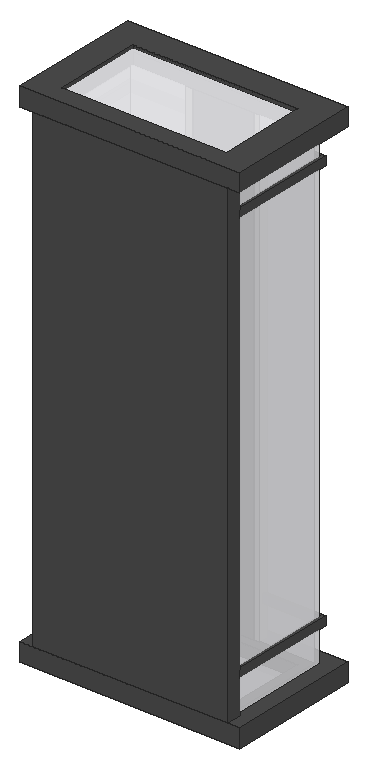
Revit family "TLI - Allegro W OMG - Wall", category Lighting Fixtures, host Wall, Revit 2012
Parameters (values of type "Biax 4-Pin 2 -  39W - 177V")
  Width = 0' - 9"
  Wet Location [instance] = yes
  Watts = 78 W
  Wattage = 38.373 W
  built-in parameter 1150110 = 1 (stored number, unit not read)
  Voltage = 277 V
  URL = "http://teronlighting.com/"
  built-in parameter 1114217 = 0.81 (stored number, unit not read)
  Tilt Angle = 0.00°
  built-in parameter 1150109 = 1 (stored number, unit not read)
  built-in parameter 1150134 = (empty or 0)
  Tamper Resistant Screws [instance] = no
  built-in parameter 1150113 = 1 (stored number, unit not read)
  Requires Special Disposal = no
  Remote Battery = no
  Product Page URL = "http://teronlighting.com/products/allegro-omg/"
  Product Documentation URL = "http://teronlighting.com/wp-content/uploads/Allegro-W-OMG.pdf"
  Product = "Allegro W OMG"
  Point of Final Manufacture = "Fairfield, OH, USA"
  Photometric Web File = "generic.ies"
  Percentage Pre-Consumer = 0
  Percentage Post-Consumer = 0
  Number of Lamps = 2
  built-in parameter 1150142 = (empty or 0)
  Multi-Tap Ballast [instance] = no
  Mounting Type = "4\" Junction Box"
  Model = "ALLW - OMG - F239E"
  MasterFormat 2004 Title = "Exterior Lighting"
  MasterFormat 2004 Number = "26.56.00"
  Manufacturer Telephone = "01-513-858-6004"
  Manufacturer Email = "sales@teronlight.com"
  Manufacturer Address = "33 Donald Drive Fairfield, OH 45014"
  Manufacturer = "Teron Lighting"
  Lumens = 5700 lm
  built-in parameter 1150115 = 1 (stored number, unit not read)
  built-in parameter 1150105 = 453.59 (stored number, unit not read)
  built-in parameter 1150137 = (empty or 0)
  built-in parameter 1150139 = 0.81 (stored number, unit not read)
  Length = 1' - 9 1/8"
  built-in parameter 1150112 = 1 (stored number, unit not read)
  built-in parameter 1150114 = 1 (stored number, unit not read)
  Lamp Base = "4-Pin"
  Lamp = "2 - 39W BIAX"
  Integral Battery = no
  built-in parameter 1150132 = 2
  built-in parameter 1150102 = 3600
  built-in parameter 1150138 = 4100 (stored number, unit not read)
  built-in parameter 1150107 = 4100 (stored number, unit not read)
  Industry Standards = "Buy America Act"
  built-in parameter 1150106 = 4.5359 (stored number, unit not read)
  Fused [instance] = no
  Fixture Material = Paint - TLI - Textured Black
  Fixture = "Aluminum"
  Finish = "Textured Black"
  Fascia Material = Paint - TLI - Matte Silver
  Emergency Light Fixture [instance] = no
  Electronic Ballast [instance] = yes
  built-in parameter 1150104 = 13.8 (stored number, unit not read)
  Distributor Locations = "USA, Canada, Puerto Rico"
  Dimming Lamp Color Temperature Shift = <None>
  Dimming Ballast [instance] = no
  Diffuser Material = Acrylic - TLI - Luminous White
  Diffuser = "Luminous White Acrylic"
  Description = "Architectectural Outdoor"
  Depth = 0' - 5 1/2"
  Date Created = "7.2.2012"
  Created By = "RenderSpec  http://rederspec.com"
  Cost = 0
  Conditions of Use = "Elements are representations. Color and detail may differ from actual product. Information is for general use and should be reviewed by a Professional."
  Color Filter = 16777215
  built-in parameter 1114218 = 1 (stored number, unit not read)
  built-in parameter 1150133 = 10 (stored number, unit not read)
  Apparent Load = 78 VA
  Amps = 1
  ADA Compliant = no
Types (6): name | Watts | Wattage | Voltage | Number of Lamps | Model | Lumens | built-in parameter 1150105 | Lamp | built-in parameter 1150106 | Apparent Load
  Biax 4-Pin 2 -  27W - 120V | 54 W | 24.2356 W | 120 V | 2 | "ALLW - OMG - F227E" | 3600 lm | 286.48 (stored number, unit not read) | "2 - 27W BIAX" | 2.8648 (stored number, unit not read) | 54 VA
  Biax 4-Pin 2 -  27W - 277V | 54 W | 24.2356 W | 277 V | 2 | "ALLW - OMG - F227E" | 3600 lm | 286.48 (stored number, unit not read) | "2 - 27W BIAX" | 2.8648 (stored number, unit not read) | 54 VA
  Biax 4-Pin 1 -  39W - 120V | 39 W | 19.1865 W | 120 V | 1 | "ALLW - OMG - F139E" | 2850 lm | 226.8 (stored number, unit not read) | "1 - 39W BIAX" | 2.268 (stored number, unit not read) | 39 VA
  Biax 4-Pin 1 -  39W - 277V | 39 W | 19.1865 W | 277 V | 1 | "ALLW - OMG - F139E" | 2850 lm | 226.8 (stored number, unit not read) | "1 - 39W BIAX" | 2.268 (stored number, unit not read) | 39 VA
  Biax 4-Pin 2 -  39W - 120V | 78 W | 38.373 W | 120 V | 2 | "ALLW - OMG - F239E" | 5700 lm | 453.59 (stored number, unit not read) | "2 - 39W BIAX" | 4.5359 (stored number, unit not read) | 78 VA
  Biax 4-Pin 2 -  39W - 177V | 78 W | 38.373 W | 277 V | 2 | "ALLW - OMG - F239E" | 5700 lm | 453.59 (stored number, unit not read) | "2 - 39W BIAX" | 4.5359 (stored number, unit not read) | 78 VA
Reference planes (in)
  plane 1: y = 0
  plane 2 "Light Source Axis (F/B)": y = 4
  plane 3 "Light Source Axis (L/R)": x = -1.43133
  plane 4 "Light Source Elevation": z = 60.03469
Text (in)
  text "Placement Side" at (0, 40.15149, 117.0711), in view "Right"
  text "Placement Side" at (-70.3804, 28.46503, 0), in view "Ref. Level"
  text "Placement Side" at (0, 47.49176, 118.91627), in view "Left"
Dimensions and locks (in)
  locked: plane 2 "Light Source Axis (F/B)" to host wall at 1
  locked: nested 2 to plane 2 "Light Source Axis (F/B)" at 1
  aligned and locked: plane 3 "Light Source Axis (L/R)" to imposter light
  aligned and locked: plane 2 "Light Source Axis (F/B)" to imposter light
  aligned and locked: plane 4 "Light Source Elevation" to imposter light
  aligned and locked: nested 1 to plane 3 "Light Source Axis (L/R)"
  aligned and locked: nested 1 to host wall
Nested families (in)
  nested 1: "Wall Mounted Light Fixture" at (-1.43133, 3, 0), Emergency Light Fixture <- "Emergency Light Fixture", type "Wall Mounted Light Fixture"
    with Emergency Light Fixture no
  nested 2: "TLI - Allegro W OMG" at (-1.43133, 3, 60.03469), type "TLI - Allegro W OMG"
Connectors (in)
  electrical at (-1.43133, 3, 60.03469), driven by "Apparent Load", driven by "Voltage"
    settings: on nested 2, index 1, voltage 277 V, apparent load 78 VA, apparent load phase1 0 VA, apparent load phase2 0 VA, apparent load phase3 0 VA, power factor 1, load classification "Other", number of poles 1, system type 30, power factor state 1, is connector primary yes, connector utility no, sub classification motor no, connector description ""
Definition of nested family "TLI - Allegro W OMG"
  Parameters (values of type "TLI - Allegro W OMG")
    Fixture Material = Paint - TLI - Textured Black
    Fascia Material = Paint - TLI - Matte Silver
    Diffuser Material = Acrylic - TLI - Luminous White
  Reference planes (in)
    plane 1 "Center (Front/Back)": y = 0
    plane 2: z = 0
    plane 3 "Center (Left/Right)": x = 0
  Forms (in)
    Extrusion 1, solid, material "Paint - TLI - Textured Black" <- "Fixture Material"
      sketch origin (0, 0, -10.5625) x (-1, 0, 0) y (0, -1, 0)
        loop
          line (-4.5, -5.5) -> (4.5, -5.5) -> (4.5, 0) -> (-4.5, 0) -> (-4.5, -5.5)
        loop
          line (-3.375, -0.75) -> (-3.375, -4.375) -> (3.375, -4.375) -> (3.375, -0.75) -> (-3.375, -0.75)
      from 0 to 0.75
    Extrusion 2, solid, material "Paint - TLI - Textured Black" <- "Fixture Material"
      sketch origin (0, 0, 9.8125) x (-1, 0, 0) y (0, -1, 0)
        loop
          line (-4.5, -5.5) -> (4.5, -5.5) -> (4.5, 0) -> (-4.5, 0) -> (-4.5, -5.5)
        loop
          line (-3.375, -0.75) -> (-3.375, -4.375) -> (3.375, -4.375) -> (3.375, -0.75) -> (-3.375, -0.75)
      from 0 to 0.75
    Extrusion 3, solid, material "Acrylic - TLI - Luminous White" <- "Diffuser Material"
      sketch origin (0, 0, 10.3125) x (-1, 0, 0) y (0, -1, 0)
        loop
          line (-3.375, -4.375) -> (3.375, -4.375) -> (3.375, -0.75) -> (-3.375, -0.75) -> (-3.375, -4.375)
      from 0 to 0.125
    Extrusion 4, solid, material "Acrylic - TLI - Luminous White" <- "Diffuser Material"
      sketch origin (0, 0, -10.4375) x (-1, 0, 0) y (0, -1, 0)
        loop
          line (-3.375, -4.375) -> (3.375, -4.375) -> (3.375, -0.75) -> (-3.375, -0.75) -> (-3.375, -4.375)
      from 0 to 0.125
    Extrusion 5, solid, material "Acrylic - TLI - Luminous White" <- "Diffuser Material"
      sketch origin (0, 0, -10.5625) x (-1, 0, 0) y (0, -1, 0)
        loop
          line (-3.875, -0.625) -> (-3.875, -4.875) -> (-1.5, -4.875) -> (-1.5, -4.75) -> (-3.75, -4.75) -> (-3.75, -0.625) -> (-3.875, -0.625)
      from 0.75 to 20.375
    Extrusion 6, solid, material "Paint - TLI - Matte Silver" <- "Fascia Material"
      sketch origin (0.0625, -0.25, -10.5625) x (-1, 0, 0) y (0, -1, 0)
        loop
          line (-1.4375, -5) -> (-1.4375, -5.375) -> (-1.1875, -5.375) -> (-1.1875, -5) -> (-1.4375, -5)
      from 0.75 to 20.375
    Extrusion 7, solid, material "Paint - TLI - Matte Silver" <- "Fascia Material"
      sketch origin (-2.6875, -0.25, -10.5625) x (-1, 0, 0) y (0, -1, 0)
        loop
          line (-1.4375, -5) -> (-1.4375, -5.375) -> (-1.1875, -5.375) -> (-1.1875, -5) -> (-1.4375, -5)
      from 0.75 to 20.375
    Extrusion 8, solid, material "Acrylic - TLI - Luminous White" <- "Diffuser Material"
      sketch origin (0, 0, -10.5625) x (1, 0, 0) y (0, 1, 0)
        loop
          line (-3.875, 0.625) -> (-3.75, 0.625) -> (-3.75, 4.75) -> (-1.5, 4.75) -> (-1.5, 4.875) -> (-3.875, 4.875) -> (-3.875, 0.625)
      from 0.75 to 20.375
    Extrusion 9, solid, material "Paint - TLI - Textured Black" <- "Fixture Material"
      sketch origin (0, 0, -8.4375) x (-1, 0, 0) y (0, -1, 0)
        loop
          line (-3.875, -0.625) -> (-4, -0.625) -> (-4, -5) -> (-1.5, -5) -> (-1.5, -4.875) -> (-3.875, -4.875) -> (-3.875, -0.625)
      from 0 to 0.375
    Extrusion 10, solid, material "Paint - TLI - Textured Black" <- "Fixture Material"
      sketch origin (0, 0, 8.4375) x (0, 1, 0) y (-1, 0, 0)
        loop
          line (0.625, -3.875) -> (0.625, -4) -> (5, -4) -> (5, -1.5) -> (4.875, -1.5) -> (4.875, -3.875) -> (0.625, -3.875)
      from 0 to 0.375
    Extrusion 11, solid, material "Paint - TLI - Textured Black" <- "Fixture Material"
      sketch origin (0, 0, -8.4375) x (1, 0, 0) y (0, 1, 0)
        loop
          line (-3.875, 0.625) -> (-3.875, 4.875) -> (-1.5, 4.875) -> (-1.5, 5) -> (-4, 5) -> (-4, 0.625) -> (-3.875, 0.625)
      from 0 to 0.375
    Extrusion 12, solid, material "Paint - TLI - Textured Black" <- "Fixture Material"
      sketch origin (0, 0, 8.4375) x (0, -1, 0) y (1, 0, 0)
        loop
          line (-0.625, -3.875) -> (-4.875, -3.875) -> (-4.875, -1.5) -> (-5, -1.5) -> (-5, -4) -> (-0.625, -4) -> (-0.625, -3.875)
      from 0 to 0.375
    Extrusion 13, solid, material "Paint - TLI - Textured Black" <- "Fixture Material"
      sketch origin (0, 0, 0) x (-1, 0, 0) y (0, -1, 0)
        loop
          line (-4, 0) -> (-4, -0.625) -> (4, -0.625) -> (4, 0) -> (-4, 0)
      from -9.8125 to 9.8125
    Extrusion 14, solid, material "Paint - TLI - Matte Silver" <- "Fascia Material"
      sketch origin (-1.25, 4.9375, -10.5625) x (-1, 0, 0) y (0, 0, -1)
        loop
          line (-2.5, -20.375) -> (0, -20.375) -> (0, -0.75) -> (-2.5, -0.75) -> (-2.5, -20.375)
        loop
          line (-0.7285, -0.76563) -> (-0.7285, -1.40038) -> (-0.0215, -1.40038) -> (-0.0215, -0.76563) -> (-0.7285, -0.76563)
        loop
          line (-1.6035, -0.76563) -> (-1.6035, -1.40038) -> (-0.8965, -1.40038) -> (-0.8965, -0.76563) -> (-1.6035, -0.76563)
        loop
          line (-2.4785, -0.76563) -> (-2.4785, -1.40038) -> (-1.7715, -1.40038) -> (-1.7715, -0.76563) -> (-2.4785, -0.76563)
        loop
          line (-0.7285, -1.59963) -> (-0.7285, -2.30663) -> (-0.0215, -2.30663) -> (-0.0215, -1.59963) -> (-0.7285, -1.59963)
        loop
          line (-1.6035, -1.59963) -> (-1.6035, -2.30663) -> (-0.8965, -2.30663) -> (-0.8965, -1.59963) -> (-1.6035, -1.59963)
        loop
          line (-2.4785, -1.59963) -> (-2.4785, -2.30663) -> (-1.7715, -2.30663) -> (-1.7715, -1.59963) -> (-2.4785, -1.59963)
        loop
          line (-0.7285, -2.50588) -> (-0.7285, -3.21288) -> (-0.0215, -3.21288) -> (-0.0215, -2.50588) -> (-0.7285, -2.50588)
        loop
          line (-1.6035, -2.50588) -> (-1.6035, -3.21288) -> (-0.8965, -3.21288) -> (-0.8965, -2.50588) -> (-1.6035, -2.50588)
        loop
          line (-2.4785, -2.50588) -> (-2.4785, -3.21288) -> (-1.7715, -3.21288) -> (-1.7715, -2.50588) -> (-2.4785, -2.50588)
        loop
          line (-0.7285, -3.41213) -> (-0.7285, -4.11913) -> (-0.0215, -4.11913) -> (-0.0215, -3.41213) -> (-0.7285, -3.41213)
        loop
          line (-1.6035, -3.41213) -> (-1.6035, -4.11913) -> (-0.8965, -4.11913) -> (-0.8965, -3.41213) -> (-1.6035, -3.41213)
        loop
          line (-2.4785, -3.41213) -> (-2.4785, -4.11913) -> (-1.7715, -4.11913) -> (-1.7715, -3.41213) -> (-2.4785, -3.41213)
        loop
          line (-0.7285, -4.31838) -> (-0.7285, -5.02538) -> (-0.0215, -5.02538) -> (-0.0215, -4.31838) -> (-0.7285, -4.31838)
        loop
          line (-1.6035, -4.31838) -> (-1.6035, -5.02538) -> (-0.8965, -5.02538) -> (-0.8965, -4.31838) -> (-1.6035, -4.31838)
        loop
          line (-2.4785, -4.31838) -> (-2.4785, -5.02538) -> (-1.7715, -5.02538) -> (-1.7715, -4.31838) -> (-2.4785, -4.31838)
        loop
          line (-0.7285, -5.22463) -> (-0.7285, -5.93163) -> (-0.0215, -5.93163) -> (-0.0215, -5.22463) -> (-0.7285, -5.22463)
        loop
          line (-1.6035, -5.22463) -> (-1.6035, -5.93163) -> (-0.8965, -5.93163) -> (-0.8965, -5.22463) -> (-1.6035, -5.22463)
        loop
          line (-2.4785, -5.22463) -> (-2.4785, -5.93163) -> (-1.7715, -5.93163) -> (-1.7715, -5.22463) -> (-2.4785, -5.22463)
        loop
          line (-0.7285, -6.13088) -> (-0.7285, -6.83788) -> (-0.0215, -6.83788) -> (-0.0215, -6.13088) -> (-0.7285, -6.13088)
        loop
          line (-1.6035, -6.13088) -> (-1.6035, -6.83788) -> (-0.8965, -6.83788) -> (-0.8965, -6.13088) -> (-1.6035, -6.13088)
        loop
          line (-2.4785, -6.13088) -> (-2.4785, -6.83788) -> (-1.7715, -6.83788) -> (-1.7715, -6.13088) -> (-2.4785, -6.13088)
        loop
          line (-0.7285, -7.03713) -> (-0.7285, -7.74413) -> (-0.0215, -7.74413) -> (-0.0215, -7.03713) -> (-0.7285, -7.03713)
        loop
          line (-1.6035, -7.03713) -> (-1.6035, -7.74413) -> (-0.8965, -7.74413) -> (-0.8965, -7.03713) -> (-1.6035, -7.03713)
        loop
          line (-2.4785, -7.03713) -> (-2.4785, -7.74413) -> (-1.7715, -7.74413) -> (-1.7715, -7.03713) -> (-2.4785, -7.03713)
        loop
          line (-0.7285, -7.94338) -> (-0.7285, -8.65038) -> (-0.0215, -8.65038) -> (-0.0215, -7.94338) -> (-0.7285, -7.94338)
        loop
          line (-1.6035, -7.94338) -> (-1.6035, -8.65038) -> (-0.8965, -8.65038) -> (-0.8965, -7.94338) -> (-1.6035, -7.94338)
        loop
          line (-2.4785, -7.94338) -> (-2.4785, -8.65038) -> (-1.7715, -8.65038) -> (-1.7715, -7.94338) -> (-2.4785, -7.94338)
        loop
          line (-0.7285, -8.84963) -> (-0.7285, -9.55663) -> (-0.0215, -9.55663) -> (-0.0215, -8.84963) -> (-0.7285, -8.84963)
        loop
          line (-1.6035, -8.84963) -> (-1.6035, -9.55663) -> (-0.8965, -9.55663) -> (-0.8965, -8.84963) -> (-1.6035, -8.84963)
        loop
          line (-2.4785, -8.84963) -> (-2.4785, -9.55663) -> (-1.7715, -9.55663) -> (-1.7715, -8.84963) -> (-2.4785, -8.84963)
        loop
          line (-0.7285, -9.75588) -> (-0.7285, -10.46288) -> (-0.0215, -10.46288) -> (-0.0215, -9.75588) -> (-0.7285, -9.75588)
        loop
          line (-1.6035, -9.75588) -> (-1.6035, -10.46288) -> (-0.8965, -10.46288) -> (-0.8965, -9.75588) -> (-1.6035, -9.75588)
        loop
          line (-2.4785, -9.75588) -> (-2.4785, -10.46288) -> (-1.7715, -10.46288) -> (-1.7715, -9.75588) -> (-2.4785, -9.75588)
        loop
          line (-0.7285, -10.66213) -> (-0.7285, -11.36913) -> (-0.0215, -11.36913) -> (-0.0215, -10.66213) -> (-0.7285, -10.66213)
        loop
          line (-1.6035, -10.66213) -> (-1.6035, -11.36913) -> (-0.8965, -11.36913) -> (-0.8965, -10.66213) -> (-1.6035, -10.66213)
        loop
          line (-2.4785, -10.66213) -> (-2.4785, -11.36913) -> (-1.7715, -11.36913) -> (-1.7715, -10.66213) -> (-2.4785, -10.66213)
        loop
          line (-0.7285, -11.56838) -> (-0.7285, -12.27538) -> (-0.0215, -12.27538) -> (-0.0215, -11.56838) -> (-0.7285, -11.56838)
        loop
          line (-1.6035, -11.56838) -> (-1.6035, -12.27538) -> (-0.8965, -12.27538) -> (-0.8965, -11.56838) -> (-1.6035, -11.56838)
        loop
          line (-2.4785, -11.56838) -> (-2.4785, -12.27538) -> (-1.7715, -12.27538) -> (-1.7715, -11.56838) -> (-2.4785, -11.56838)
        loop
          line (-0.7285, -12.47463) -> (-0.7285, -13.18163) -> (-0.0215, -13.18163) -> (-0.0215, -12.47463) -> (-0.7285, -12.47463)
        loop
          line (-1.6035, -12.47463) -> (-1.6035, -13.18163) -> (-0.8965, -13.18163) -> (-0.8965, -12.47463) -> (-1.6035, -12.47463)
        loop
          line (-2.4785, -12.47463) -> (-2.4785, -13.18163) -> (-1.7715, -13.18163) -> (-1.7715, -12.47463) -> (-2.4785, -12.47463)
        loop
          line (-0.7285, -13.38088) -> (-0.7285, -14.08788) -> (-0.0215, -14.08788) -> (-0.0215, -13.38088) -> (-0.7285, -13.38088)
        loop
          line (-1.6035, -13.38088) -> (-1.6035, -14.08788) -> (-0.8965, -14.08788) -> (-0.8965, -13.38088) -> (-1.6035, -13.38088)
        loop
          line (-2.4785, -13.38088) -> (-2.4785, -14.08788) -> (-1.7715, -14.08788) -> (-1.7715, -13.38088) -> (-2.4785, -13.38088)
        loop
          line (-0.7285, -14.28713) -> (-0.7285, -14.99413) -> (-0.0215, -14.99413) -> (-0.0215, -14.28713) -> (-0.7285, -14.28713)
        loop
          line (-1.6035, -14.28713) -> (-1.6035, -14.99413) -> (-0.8965, -14.99413) -> (-0.8965, -14.28713) -> (-1.6035, -14.28713)
        loop
          line (-2.4785, -14.28713) -> (-2.4785, -14.99413) -> (-1.7715, -14.99413) -> (-1.7715, -14.28713) -> (-2.4785, -14.28713)
        loop
          line (-0.7285, -15.19338) -> (-0.7285, -15.90038) -> (-0.0215, -15.90038) -> (-0.0215, -15.19338) -> (-0.7285, -15.19338)
        loop
          line (-1.6035, -15.19338) -> (-1.6035, -15.90038) -> (-0.8965, -15.90038) -> (-0.8965, -15.19338) -> (-1.6035, -15.19338)
        loop
          line (-2.4785, -15.19338) -> (-2.4785, -15.90038) -> (-1.7715, -15.90038) -> (-1.7715, -15.19338) -> (-2.4785, -15.19338)
        loop
          line (-0.7285, -16.09963) -> (-0.7285, -16.80663) -> (-0.0215, -16.80663) -> (-0.0215, -16.09963) -> (-0.7285, -16.09963)
        loop
          line (-1.6035, -16.09963) -> (-1.6035, -16.80663) -> (-0.8965, -16.80663) -> (-0.8965, -16.09963) -> (-1.6035, -16.09963)
        loop
          line (-2.4785, -16.09963) -> (-2.4785, -16.80663) -> (-1.7715, -16.80663) -> (-1.7715, -16.09963) -> (-2.4785, -16.09963)
        loop
          line (-0.7285, -17.00588) -> (-0.7285, -17.71288) -> (-0.0215, -17.71288) -> (-0.0215, -17.00588) -> (-0.7285, -17.00588)
        loop
          line (-1.6035, -17.00588) -> (-1.6035, -17.71288) -> (-0.8965, -17.71288) -> (-0.8965, -17.00588) -> (-1.6035, -17.00588)
        loop
          line (-2.4785, -17.00588) -> (-2.4785, -17.71288) -> (-1.7715, -17.71288) -> (-1.7715, -17.00588) -> (-2.4785, -17.00588)
        loop
          line (-0.7285, -17.91213) -> (-0.7285, -18.61913) -> (-0.0215, -18.61913) -> (-0.0215, -17.91213) -> (-0.7285, -17.91213)
        loop
          line (-1.6035, -17.91213) -> (-1.6035, -18.61913) -> (-0.8965, -18.61913) -> (-0.8965, -17.91213) -> (-1.6035, -17.91213)
        loop
          line (-2.4785, -17.91213) -> (-2.4785, -18.61913) -> (-1.7715, -18.61913) -> (-1.7715, -17.91213) -> (-2.4785, -17.91213)
        loop
          line (-0.7285, -18.81838) -> (-0.7285, -19.52538) -> (-0.0215, -19.52538) -> (-0.0215, -18.81838) -> (-0.7285, -18.81838)
        loop
          line (-1.6035, -18.81838) -> (-1.6035, -19.52538) -> (-0.8965, -19.52538) -> (-0.8965, -18.81838) -> (-1.6035, -18.81838)
        loop
          line (-2.4785, -18.81838) -> (-2.4785, -19.52538) -> (-1.7715, -19.52538) -> (-1.7715, -18.81838) -> (-2.4785, -18.81838)
        loop
          line (-0.7285, -19.72463) -> (-0.7285, -20.35938) -> (-0.0215, -20.35938) -> (-0.0215, -19.72463) -> (-0.7285, -19.72463)
        loop
          line (-1.6035, -19.72463) -> (-1.6035, -20.35938) -> (-0.8965, -20.35938) -> (-0.8965, -19.72463) -> (-1.6035, -19.72463)
        loop
          line (-2.4785, -19.72463) -> (-2.4785, -20.35938) -> (-1.7715, -20.35938) -> (-1.7715, -19.72463) -> (-2.4785, -19.72463)
      from 0 to 0.0625
    Extrusion 15, solid, material "Paint - TLI - Textured Black" <- "Fixture Material"
      sketch origin (0, -0.25, -10.5625) x (-1, 0, 0) y (0, -1, 0)
        loop
          line (-1.25, -5) -> (-1.25, -5.125) -> (1.25, -5.125) -> (1.25, -5) -> (-1.25, -5)
      from 0.75 to 20.375
  Dimensions and locks (in)
    aligned and locked: plane 2 to level
    aligned and locked: Extrusion 9 to Extrusion 5
Definition of nested family "Wall Mounted Light Fixture"
  Parameters (values of type "Wall Mounted Light Fixture")
    Emergency Light Fixture [instance] = no
  Reference planes (in)
    plane 1: y = 0
    plane 2: x = 0
  Lines and regions (in)
    detail lines, built-in parameter 1006310 <- "Emergency Light Fixture"
      curve 1: circle (0, 0.125, 0) r 0.0625 normal (0, 0, 1)
    detail lines
      curve 2: line (-0.0625, 0, 0) -> (0.0625, 0, 0)
      curve 3: line (0, 0, 0) -> (0, 0.0625, 0)
